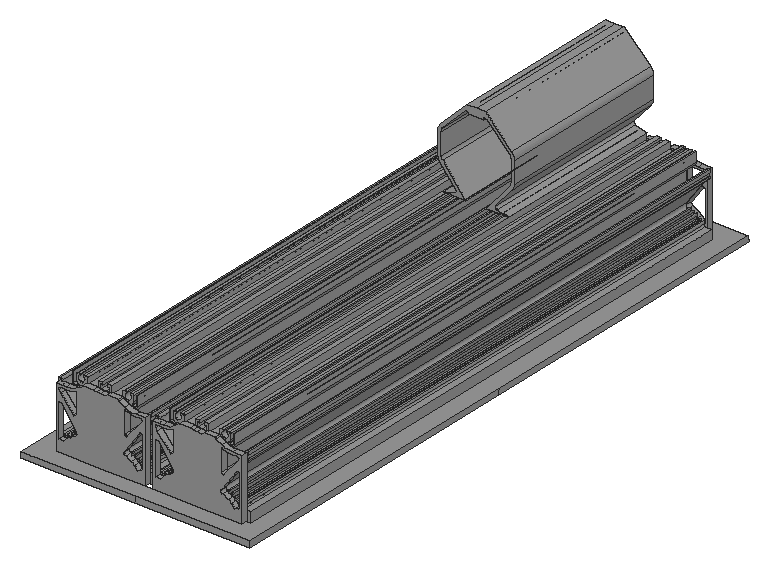
Revit family "L-street 48 Standart", category Осветительные приборы, Revit 2017 (continued)
Types (5, lengths in mm): name | built-in parameter 1150134 | Файл фотометрической сетки | built-in parameter 1150105 | Lumens | built-in parameter 1150106 | built-in parameter 1150142 | Wattage | built-in parameter 1150107 | Артикул
    0.00 0.00 0.00 0.00\r\n2431.019 2305.538 2234.198 2162.857 2098.878 2045.089 1991.301 1934.115 1871.268 1802.759 1725.19 1640.261 1554.20 1450.02 1286.957\r\n 1095.017 928.557 791.538 674.336 561.664 461.447 382.18 338.018 308.009 270.641 229.309 187.41 146.644 113.239 88.326 68.51 52.09 \r\n37.935 29.442 24.912 22.648 22.648 0.00 0.00 0.00 0.00 0.00 0.00 0.00 0.00 0.00 0.00 0.00 0.00 0.00 0.00 0.00 0.00 0.00 0.00 0.00 \r\n0.00 0.00 0.00 0.00 0.00 0.00 0.00 0.00 0.00 0.00 0.00 0.00 0.00 0.00 0.00 0.00 0.00\r\n2431.019 2306.67 2233.065 2159.46 2093.782 2039.427 1986.205 1928.453 1863.907 1794.832 1715.565 1629.503 1544.574 1438.13 1268.272\r\n 1076.899 914.968 779.082 664.711 552.604 452.954 375.952 336.319 306.877 269.508 225.345 182.314 141.548 109.841 88.326 69.076 \r\n53.222 39.634 29.442 24.912 22.648 22.648 0.00 0.00 0.00 0.00 0.00 0.00 0.00 0.00 0.00 0.00 0.00 0.00 0.00 0.00 0.00 0.00 0.00 0.00\r\n 0.00 0.00 0.00 0.00 0.00 0.00 0.00 0.00 0.00 0.00 0.00 0.00 0.00 0.00 0.00 0.00 0.00 0.00\r\n2431.019 2299.31 2224.006 2148.703 2083.591 2028.103 1974.881 1917.13 1852.584 1781.81 1701.41 1614.782 1527.589 1413.218 1245.058 \r\n1060.48 904.211 773.986 660.181 550.34 450.123 373.688 336.885 308.009 270.641 225.345 181.182 141.548 110.974 88.892 69.642 53.222\r\n 39.634 29.442 24.912 22.648 22.648 0.00 0.00 0.00 0.00 0.00 0.00 0.00 0.00 0.00 0.00 0.00 0.00 0.00 0.00 0.00 0.00 0.00 0.00 0.00 \r\n0.00 0.00 0.00 0.00 0.00 0.00 0.00 0.00 0.00 0.00 0.00 0.00 0.00 0.00 0.00 0.00 0.00\r\n2431.019 2291.949 2214.947 2137.945 2073.399 2016.779 1963.557 1905.806 1841.26 1768.787 1687.255 1600.061 1510.603 1388.305 \r\n1221.844 1044.06 893.453 768.89 655.651 548.075 447.292 371.423 337.451 309.141 271.773 225.345 180.049 141.548 112.106 89.458 \r\n70.208 53.222 39.634 29.442 24.912 22.648 22.648 0.00 0.00 0.00 0.00 0.00 0.00 0.00 0.00 0.00 0.00 0.00 0.00 0.00 0.00 0.00 0.00 \r\n0.00 0.00 0.00 0.00 0.00 0.00 0.00 0.00 0.00 0.00 0.00 0.00 0.00 0.00 0.00 0.00 0.00 0.00 0.00 0.00\r\n2431.019 2293.648 2215.513 2137.945 2072.833 2016.779 1961.859 1902.975 1838.995 1765.39 1682.725 1592.134 1495.882 1372.451 \r\n1211.086 1038.398 887.791 760.963 648.29 542.413 444.462 372.555 341.981 314.237 276.303 226.478 179.483 143.813 114.937 91.723 \r\n71.341 53.222 39.068 29.442 24.346 22.082 22.648 0.00 0.00 0.00 0.00 0.00 0.00 0.00 0.00 0.00 0.00 0.00 0.00 0.00 0.00 0.00 0.00 \r\n0.00 0.00 0.00 0.00 0.00 0.00 0.00 0.00 0.00 0.00 0.00 0.00 0.00 0.00 0.00 0.00 0.00 0.00 0.00 0.00\r\n2431.019 2295.346 2216.079 2137.945 2072.266 2016.779 1960.16 1900.144 1836.73 1761.993 1678.196 1584.208 1481.161 1356.598 \r\n1200.329 1032.736 882.129 753.037 640.93 536.751 441.631 373.687 346.51 319.333 280.832 227.61 178.917 146.078 117.768 93.988 \r\n72.473 53.222 38.501 29.442 23.78 21.515 22.648 0.00 0.00 0.00 0.00 0.00 0.00 0.00 0.00 0.00 0.00 0.00 0.00 0.00 0.00 0.00 0.00 \r\n0.00 0.00 0.00 0.00 0.00 0.00 0.00 0.00 0.00 0.00 0.00 0.00 0.00 0.00 0.00 0.00 0.00 0.00 0.00 0.00\r\n2431.019 2307.803 2227.969 2148.137 2079.061 2022.441 1966.388 1906.938 1842.958 1769.92 1684.991 1590.436 1486.257 1362.827 \r\n1211.653 1049.722 899.115 768.324 654.519 548.075 451.256 378.783 351.606 328.958 291.024 236.669 184.579 150.608 122.298 96.819 \r\n74.738 53.789 37.369 28.876 23.214 21.515 22.082 0.00 0.00 0.00 0.00 0.00 0.00 0.00 0.00 0.00 0.00 0.00 0.00 0.00 0.00 0.00 0.00 \r\n0.00 0.00 0.00 0.00 0.00 0.00 0.00 0.00 0.00 0.00 0.00 0.00 0.00 0.00 0.00 0.00 0.00 0.00 0.00 0.00\r\n2431.019 2320.259 2239.859 2158.328 2085.855 2028.103 1972.616 1913.732 1849.186 1777.846 1691.785 1596.664 1491.352 1369.055 \r\n1222.977 1066.708 916.10 783.611 668.108 559.399 460.881 383.879 356.702 338.583 301.215 245.728 190.241 155.137 126.827 99.65 \r\n77.002 54.355 36.236 28.31 22.648 21.515 21.515 0.00 0.00 0.00 0.00 0.00 0.00 0.00 0.00 0.00 0.00 0.00 0.00 0.00 0.00 0.00 0.00 \r\n0.00 0.00 0.00 0.00 0.00 0.00 0.00 0.00 0.00 0.00 0.00 0.00 0.00 0.00 0.00 0.00 0.00 0.00 0.00 0.00\r\n2431.019 2307.802 2227.969 2148.136 2079.06 2022.441 1966.388 1906.938 1842.958 1769.919 1684.99 1590.436 1486.256 1362.826 \r\n1211.653 1049.722 899.114 768.324 654.519 548.075 451.256 378.783 351.606 328.958 291.023 236.669 184.579 150.607 122.297 96.819 \r\n74.738 53.789 37.369 28.876 23.214 21.515 22.082 0.00 0.00 0.00 0.00 0.00 0.00 0.00 0.00 0.00 0.00 0.00 0.00 0.00 0.00 0.00 0.00 \r\n0.00 0.00 0.00 0.00 0.00 0.00 0.00 0.00 0.00 0.00 0.00 0.00 0.00 0.00 0.00 0.00 0.00 0.00 0.00 0.00\r\n2431.019 2295.346 2216.079 2137.945 2072.266 2016.779 1960.16 1900.144 1836.73 1761.993 1678.196 1584.208 1481.161 1356.598 \r\n1200.329 1032.736 882.129 753.037 640.93 536.751 441.631 373.687 346.51 319.333 280.832 227.61 178.917 146.078 117.768 93.988 \r\n72.473 53.222 38.501 29.442 23.78 21.515 22.648 0.00 0.00 0.00 0.00 0.00 0.00 0.00 0.00 0.00 0.00 0.00 0.00 0.00 0.00 0.00 0.00 \r\n0.00 0.00 0.00 0.00 0.00 0.00 0.00 0.00 0.00 0.00 0.00 0.00 0.00 0.00 0.00 0.00 0.00 0.00 0.00 0.00\r\n2431.019 2293.648 2215.513 2137.945 2072.833 2016.779 1961.859 1902.975 1838.995 1765.39 1682.726 1592.135 1495.882 1372.452 \r\n1211.087 1038.398 887.791 760.964 648.291 542.413 444.462 372.555 341.981 314.237 276.303 226.478 179.483 143.813 114.937 91.723 \r\n71.341 53.222 39.068 29.442 24.346 22.082 22.648 0.00 0.00 0.00 0.00 0.00 0.00 0.00 0.00 0.00 0.00 0.00 0.00 0.00 0.00 0.00 0.00 \r\n0.00 0.00 0.00 0.00 0.00 0.00 0.00 0.00 0.00 0.00 0.00 0.00 0.00 0.00 0.00 0.00 0.00 0.00 0.00 0.00\r\n2431.019 2291.949 2214.947 2137.945 2073.399 2016.779 1963.557 1905.806 1841.26 1768.787 1687.255 1600.061 1510.603 1388.305 \r\n1221.844 1044.06 893.453 768.89 655.651 548.075 447.292 371.423 337.451 309.141 271.773 225.345 180.049 141.548 112.106 89.458 \r\n70.208 53.222 39.634 29.442 24.912 22.648 22.648 0.00 0.00 0.00 0.00 0.00 0.00 0.00 0.00 0.00 0.00 0.00 0.00 0.00 0.00 0.00 0.00 \r\n0.00 0.00 0.00 0.00 0.00 0.00 0.00 0.00 0.00 0.00 0.00 0.00 0.00 0.00 0.00 0.00 0.00 0.00 0.00 0.00\r\n2431.019 2299.31 2224.006 2148.703 2083.591 2028.103 1974.881 1917.13 1852.584 1781.81 1701.41 1614.782 1527.589 1413.218 1245.058 \r\n1060.48 904.211 773.986 660.181 550.34 450.123 373.688 336.885 308.009 270.641 225.345 181.182 141.548 110.974 88.892 69.642 53.222\r\n 39.634 29.442 24.912 22.648 22.648 0.00 0.00 0.00 0.00 0.00 0.00 0.00 0.00 0.00 0.00 0.00 0.00 0.00 0.00 0.00 0.00 0.00 0.00 0.00 \r\n0.00 0.00 0.00 0.00 0.00 0.00 0.00 0.00 0.00 0.00 0.00 0.00 0.00 0.00 0.00 0.00 0.00\r\n2431.019 2306.67 2233.065 2159.46 2093.782 2039.427 1986.205 1928.453 1863.907 1794.832 1715.565 1629.503 1544.574 1438.13 1268.272\r\n 1076.899 914.968 779.082 664.711 552.604 452.954 375.952 336.319 306.877 269.508 225.345 182.314 141.548 109.841 88.326 69.076 \r\n53.222 39.634 29.442 24.912 22.648 22.648 0.00 0.00 0.00 0.00 0.00 0.00 0.00 0.00 0.00 0.00 0.00 0.00 0.00 0.00 0.00 0.00 0.00 0.00\r\n 0.00 0.00 0.00 0.00 0.00 0.00 0.00 0.00 0.00 0.00 0.00 0.00 0.00 0.00 0.00 0.00 0.00 0.00\r\n2431.019 2305.538 2234.198 2162.857 2098.878 2045.089 1991.301 1934.115 1871.268 1802.759 1725.19 1640.261 1554.20 1450.02 1286.957\r\n 1095.017 928.557 791.538 674.336 561.664 461.447 382.18 338.018 308.009 270.641 229.309 187.41 146.644 113.239 88.326 68.51 52.09 \r\n37.935 29.442 24.912 22.648 22.648 0.00 0.00 0.00 0.00 0.00 0.00 0.00 0.00 0.00 0.00 0.00 0.00 0.00 0.00 0.00 0.00 0.00 0.00 0.00 \r\n0.00 0.00 0.00 0.00 0.00 0.00 0.00 0.00 0.00 0.00 0.00 0.00 0.00 0.00 0.00 0.00 0.00\r\n2431.019 2304.405 2235.33 2166.254 2103.973 2050.751 1996.396 1939.777 1878.628 1810.685 1734.815 1651.019 1563.825 1461.91 \r\n1305.641 1113.135 942.145 803.994 683.961 570.723 469.94 388.408 339.716 309.141 271.773 233.272 192.506 151.74 116.636 88.326 \r\n67.943 50.957 36.236 29.442 24.912 22.648 22.648 0.00 0.00 0.00 0.00 0.00 0.00 0.00 0.00 0.00 0.00 0.00 0.00 0.00 0.00 0.00 0.00 \r\n0.00 0.00 0.00 0.00 0.00 0.00 0.00 0.00 0.00 0.00 0.00 0.00 0.00 0.00 0.00 0.00 0.00 0.00 0.00 0.00\r\n2431.019 2320.825 2251.75 2184.939 2122.658 2067.737 2015.081 1960.16 1901.842 1837.296 1763.691 1678.763 1588.738 1492.485 \r\n1355.466 1173.152 995.367 848.724 724.161 609.224 504.478 412.755 353.871 320.465 286.494 249.125 210.058 172.123 137.019 103.614 \r\n75.87 54.921 39.067 31.141 26.611 23.78 23.78 0.00 0.00 0.00 0.00 0.00 0.00 0.00 0.00 0.00 0.00 0.00 0.00 0.00 0.00 0.00 0.00 0.00 \r\n0.00 0.00 0.00 0.00 0.00 0.00 0.00 0.00 0.00 0.00 0.00 0.00 0.00 0.00 0.00 0.00 0.00 0.00 0.00\r\n2431.019 2337.245 2268.169 2203.623 2141.342 2084.723 2033.765 1980.543 1925.056 1863.907 1792.567 1706.506 1613.65 1523.059 \r\n1405.291 1233.168 1048.589 893.453 764.361 647.725 539.016 437.101 368.025 331.789 301.215 264.978 227.61 192.506 157.402 118.901 \r\n83.797 58.884 41.898 32.839 28.31 24.912 24.912 0.00 0.00 0.00 0.00 0.00 0.00 0.00 0.00 0.00 0.00 0.00 0.00 0.00 0.00 0.00 0.00 \r\n0.00 0.00 0.00 0.00 0.00 0.00 0.00 0.00 0.00 0.00 0.00 0.00 0.00 0.00 0.00 0.00 0.00 0.00 0.00 0.00\r\n2431.019 2337.811 2271.566 2208.719 2148.136 2093.216 2042.258 1989.602 1934.682 1874.099 1804.457 1720.095 1626.673 1530.42 \r\n1412.086 1249.022 1068.972 909.306 775.119 654.519 542.979 443.329 372.555 334.054 302.914 267.243 229.309 190.241 152.306 111.541 \r\n77.003 53.789 39.067 32.273 27.178 24.912 24.912 0.00 0.00 0.00 0.00 0.00 0.00 0.00 0.00 0.00 0.00 0.00 0.00 0.00 0.00 0.00 0.00 \r\n0.00 0.00 0.00 0.00 0.00 0.00 0.00 0.00 0.00 0.00 0.00 0.00 0.00 0.00 0.00 0.00 0.00 0.00 0.00 0.00\r\n2431.019 2338.377 2274.963 2213.815 2154.93 2101.708 2050.751 1998.661 1944.307 1884.29 1816.347 1733.683 1639.695 1537.78 1418.88 \r\n1264.875 1089.355 925.159 785.876 661.313 546.942 449.557 377.085 336.319 304.612 269.508 231.007 187.976 147.21 104.18 70.208 \r\n48.693 36.236 31.707 26.045 24.912 24.912 0.00 0.00 0.00 0.00 0.00 0.00 0.00 0.00 0.00 0.00 0.00 0.00 0.00 0.00 0.00 0.00 0.00 0.00\r\n 0.00 0.00 0.00 0.00 0.00 0.00 0.00 0.00 0.00 0.00 0.00 0.00 0.00 0.00 0.00 0.00 0.00 0.00\r\n2431.019 2343.473 2283.456 2225.705 2168.519 2116.996 2066.605 2016.213 1962.991 1906.372 1841.26 1762.559 1671.968 1571.752 \r\n1457.381 1316.965 1149.372 978.948 828.907 698.682 580.348 477.301 398.034 353.871 324.995 292.722 250.258 201.565 152.872 104.18 \r\n69.076 48.693 37.935 32.273 27.744 24.912 24.912 0.00 0.00 0.00 0.00 0.00 0.00 0.00 0.00 0.00 0.00 0.00 0.00 0.00 0.00 0.00 0.00 \r\n0.00 0.00 0.00 0.00 0.00 0.00 0.00 0.00 0.00 0.00 0.00 0.00 0.00 0.00 0.00 0.00 0.00 0.00 0.00 0.00\r\n2431.019 2348.569 2291.949 2237.595 2182.108 2132.283 2082.458 2033.765 1981.675 1928.453 1866.172 1791.435 1704.241 1605.723 \r\n1495.882 1369.055 1209.388 1032.736 871.937 736.051 613.753 505.044 418.983 371.423 345.378 315.936 269.508 215.153 158.534 104.18 \r\n67.943 48.693 39.634 32.839 29.442 24.912 24.912 0.00 0.00 0.00 0.00 0.00 0.00 0.00 0.00 0.00 0.00 0.00 0.00 0.00 0.00 0.00 0.00 \r\n0.00 0.00 0.00 0.00 0.00 0.00 0.00 0.00 0.00 0.00 0.00 0.00 0.00 0.00 0.00 0.00 0.00 0.00 0.00 0.00\r\n2431.019 2357.062 2304.406 2252.316 2199.66 2150.401 2102.841 2055.281 2004.323 1952.80 1893.916 1824.84 1743.309 1649.886 1544.009\r\n 1422.843 1276.765 1105.209 935.917 790.406 663.012 548.075 452.955 397.468 371.423 345.944 296.685 232.139 162.498 100.783 66.811 \r\n50.392 41.333 33.972 30.008 25.479 24.912 0.00 0.00 0.00 0.00 0.00 0.00 0.00 0.00 0.00 0.00 0.00 0.00 0.00 0.00 0.00 0.00 0.00 0.00\r\n 0.00 0.00 0.00 0.00 0.00 0.00 0.00 0.00 0.00 0.00 0.00 0.00 0.00 0.00 0.00 0.00 0.00 0.00\r\n2431.019 2365.554 2316.862 2267.037 2217.212 2168.519 2123.224 2076.796 2026.971 1977.146 1921.659 1858.245 1782.376 1694.049 \r\n1592.135 1476.631 1344.142 1177.681 999.897 844.76 712.271 591.105 486.926 423.512 397.467 375.952 323.862 249.125 166.461 97.385 \r\n65.678 52.09 43.031 35.104 30.574 26.045 24.912 0.00 0.00 0.00 0.00 0.00 0.00 0.00 0.00 0.00 0.00 0.00 0.00 0.00 0.00 0.00 0.00 \r\n0.00 0.00 0.00 0.00 0.00 0.00 0.00 0.00 0.00 0.00 0.00 0.00 0.00 0.00 0.00 0.00 0.00 0.00 0.00 0.00\r\n2431.019 2375.18 2331.017 2285.721 2238.161 2191.733 2148.137 2105.106 2058.112 2010.552 1958.462 1899.578 1831.635 1750.103 \r\n1653.85 1546.839 1430.204 1284.692 1112.57 944.41 798.899 669.806 553.171 467.675 429.74 413.321 364.628 274.038 168.16 96.819 \r\n68.509 55.487 46.428 38.501 31.707 26.045 25.479 0.00 0.00 0.00 0.00 0.00 0.00 0.00 0.00 0.00 0.00 0.00 0.00 0.00 0.00 0.00 0.00 \r\n0.00 0.00 0.00 0.00 0.00 0.00 0.00 0.00 0.00 0.00 0.00 0.00 0.00 0.00 0.00 0.00 0.00 0.00 0.00 0.00\r\n2431.019 2384.805 2345.171 2304.405 2259.11 2214.947 2173.049 2133.415 2089.252 2043.957 1995.264 1940.91 1880.893 1806.156 \r\n1715.565 1617.047 1516.265 1391.702 1225.242 1044.06 885.526 748.507 619.415 511.838 462.013 450.69 405.394 298.95 169.858 96.253 \r\n71.34 58.884 49.825 41.898 32.839 26.045 26.045 0.00 0.00 0.00 0.00 0.00 0.00 0.00 0.00 0.00 0.00 0.00 0.00 0.00 0.00 0.00 0.00 \r\n0.00 0.00 0.00 0.00 0.00 0.00 0.00 0.00 0.00 0.00 0.00 0.00 0.00 0.00 0.00 0.00 0.00 0.00 0.00 0.00\r\n2431.019 2390.467 2355.363 2317.994 2276.662 2236.463 2198.528 2161.159 2119.827 2076.23 2029.802 1978.845 1923.924 1855.981 \r\n1775.015 1685.557 1593.267 1480.595 1332.253 1157.865 986.875 836.833 698.116 576.951 504.478 475.036 413.321 285.362 154.571 \r\n94.555 71.907 59.45 50.958 42.465 33.972 27.744 26.045 0.00 0.00 0.00 0.00 0.00 0.00 0.00 0.00 0.00 0.00 0.00 0.00 0.00 0.00 0.00 \r\n0.00 0.00 0.00 0.00 0.00 0.00 0.00 0.00 0.00 0.00 0.00 0.00 0.00 0.00 0.00 0.00 0.00 0.00 0.00 0.00 0.00\r\n2431.019 2396.129 2365.554 2331.583 2294.214 2257.978 2224.006 2188.902 2150.401 2108.503 2064.34 2016.779 1966.954 1905.806 \r\n1834.465 1754.066 1670.269 1569.487 1439.263 1271.669 1088.223 925.159 776.817 642.063 546.942 499.382 421.248 271.773 139.283 \r\n92.856 72.473 60.016 52.09 43.031 35.104 29.442 26.045 0.00 0.00 0.00 0.00 0.00 0.00 0.00 0.00 0.00 0.00 0.00 0.00 0.00 0.00 0.00 \r\n0.00 0.00 0.00 0.00 0.00 0.00 0.00 0.00 0.00 0.00 0.00 0.00 0.00 0.00 0.00 0.00 0.00 0.00 0.00 0.00 0.00\r\n2431.019 2403.49 2375.746 2346.304 2312.332 2279.493 2248.919 2216.646 2182.108 2143.041 2100.576 2055.847 2009.985 1954.499 \r\n1891.085 1822.009 1748.404 1662.909 1552.502 1406.423 1232.602 1058.781 897.416 746.809 618.849 527.692 418.983 261.015 139.283 \r\n93.422 74.172 61.715 52.656 44.163 35.104 29.442 27.178 0.00 0.00 0.00 0.00 0.00 0.00 0.00 0.00 0.00 0.00 0.00 0.00 0.00 0.00 0.00 \r\n0.00 0.00 0.00 0.00 0.00 0.00 0.00 0.00 0.00 0.00 0.00 0.00 0.00 0.00 0.00 0.00 0.00 0.00 0.00 0.00 0.00\r\n2431.019 2410.85 2385.937 2361.025 2330.45 2301.008 2273.831 2244.389 2213.815 2177.578 2136.812 2094.914 2053.016 2003.191 \r\n1947.704 1889.952 1826.539 1756.33 1665.739 1541.176 1376.98 1192.401 1018.014 851.553 690.755 556.002 416.718 250.257 139.283 \r\n93.988 75.87 63.414 53.222 45.295 35.104 29.442 28.31 0.00 0.00 0.00 0.00 0.00 0.00 0.00 0.00 0.00 0.00 0.00 0.00 0.00 0.00 0.00 \r\n0.00 0.00 0.00 0.00 0.00 0.00 0.00 0.00 0.00 0.00 0.00 0.00 0.00 0.00 0.00 0.00 0.00 0.00 0.00 0.00 0.00\r\n2431.019 2418.777 2397.261 2375.746 2350.267 2326.487 2303.273 2278.361 2251.184 2219.477 2183.24 2144.739 2105.106 2058.678 \r\n2012.816 1967.521 1921.093 1870.702 1805.024 1712.168 1582.509 1418.88 1236.566 1043.494 839.664 634.703 433.138 253.088 144.379 \r\n96.253 78.701 66.245 56.619 46.994 36.803 30.575 28.876 0.00 0.00 0.00 0.00 0.00 0.00 0.00 0.00 0.00 0.00 0.00 0.00 0.00 0.00 0.00 \r\n0.00 0.00 0.00 0.00 0.00 0.00 0.00 0.00 0.00 0.00 0.00 0.00 0.00 0.00 0.00 0.00 0.00 0.00 0.00 0.00 0.00\r\n2431.019 2426.703 2408.585 2390.467 2370.084 2351.966 2332.715 2312.332 2288.552 2261.375 2229.668 2194.564 2157.195 2114.165 \r\n2077.928 2045.089 2015.646 1985.072 1944.306 1883.157 1788.036 1645.356 1455.115 1235.432 988.572 713.403 449.557 255.919 149.475 \r\n98.518 81.532 69.076 60.016 48.693 38.501 31.707 29.442 0.00 0.00 0.00 0.00 0.00 0.00 0.00 0.00 0.00 0.00 0.00 0.00 0.00 0.00 0.00 \r\n0.00 0.00 0.00 0.00 0.00 0.00 0.00 0.00 0.00 0.00 0.00 0.00 0.00 0.00 0.00 0.00 0.00 0.00 0.00 0.00 0.00\r\n2431.019 2436.329 2421.041 2408.019 2392.732 2379.143 2364.988 2349.135 2328.752 2306.671 2282.324 2252.882 2217.778 2179.843 \r\n2148.136 2121.525 2102.275 2086.988 2069.436 2039.427 1986.771 1897.879 1761.993 1574.017 1318.664 988.007 614.886 319.333 167.027 \r\n107.011 86.628 74.172 64.546 53.789 40.766 32.273 30.57
